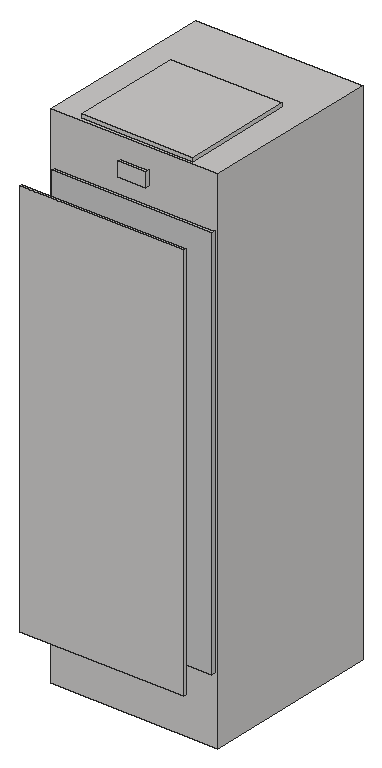
Revit family "Fan_Coil-With_Valve-Whalen-Vertical_Stacked-Classic-2P-No_Risers2", category Mechanical Equipment, Revit 2012
Parameters (values of type "1,200 CFM")
  zz YesNo 9 [instance] = not(and(Has Rear Return Air Opening, or(Chassis is Removable Standard, Chassis is Removable Low Profile)))  # yes
  zz YesNo 8 [instance] = not(or(and(Is Heating Total Electric, Voltage is 115 V), not(zz Integer 7 = 1)))  # yes
  zz YesNo 7 [instance] = yes
  zz YesNo 6 [instance] = yes
  zz YesNo 5 [instance] = not(and(zz Integer 5 = 1200, Chassis is Removable Standard))  # yes
  zz YesNo 4 [instance] = not(or(and(Is Heating Total Electric, Voltage is 115 V), not(zz Integer 6 = 1)))  # yes
  zz YesNo 3 [instance] = yes
  zz YesNo 2 [instance] = not(and(Risers are on Rear, Has Rear Return Air Opening))  # yes
  zz YesNo 16 [instance] = not(and(zz YesNo 9, zz YesNo 12, zz YesNo 4, zz YesNo 13, zz YesNo 8, zz YesNo 2, zz YesNo 11, zz YesNo 15))  # no
  zz YesNo 15 [instance] = zz Integer 2 = 1  # yes
  zz YesNo 14 [instance] = yes
  zz YesNo 13 [instance] = zz Integer 4 = 1  # yes
  zz YesNo 12 [instance] = zz Integer 8 = 1  # yes
  zz YesNo 11 [instance] = not(and(Has Condensate Pump, Has Rear Return Air Opening))  # yes
  zz YesNo 10 [instance] = yes
  zz YesNo 1 [instance] = yes
  zz Length 8 [instance] = if(zz Length 3 < 0.250", 0.250", if(zz Length 3 > 6.000", 6.000", zz Length 3))  # 4.35924"
  zz Length 7 [instance] = if(Chassis is Fixed, if(zz Integer 5 = 1200, 59.000", if(zz Integer 5 = 1000, 51.000", if(zz Integer 5 = 800, 45.000", if(zz Integer 5 = 600, 41.000", if(zz Integer 5 = 400, 38.000", if(zz Integer 5 = 300, 34.000", 0.000")))))), if(Chassis is Removable Standard, if(zz Integer 5 = 1200, 59.000", if(zz Integer 5 = 1000, 59.000", if(zz Integer 5 = 800, 66.750", if(zz Integer 5 = 600, 62.750", if(zz Integer 5 = 400, 62.750", if(zz Integer 5 = 300, 54.750", 0.000")))))), if(zz Integer 5 = 1200, 59.000", if(zz Integer 5 = 1000, 51.000", if(zz Integer 5 = 800, 54.500", if(zz Integer 5 = 600, 50.500", if(zz Integer 5 = 400, 50.500", if(zz Integer 5 = 300, 42.500", 0.000"))))))))  # 59.000"
  zz Length 6 [instance] = if(Chassis is Fixed, if(zz Integer 5 = 1200, 56.000", if(zz Integer 5 = 1000, 48.000", if(zz Integer 5 = 800, 44.000", if(zz Integer 5 = 600, 40.000", if(zz Integer 5 = 400, 36.000", if(zz Integer 5 = 300, 32.000", 0.000")))))), if(Chassis is Removable Standard, if(zz Integer 5 = 1200, 60.000", if(zz Integer 5 = 1000, 56.000", if(zz Integer 5 = 800, 60.000", if(zz Integer 5 = 600, 56.000", if(zz Integer 5 = 400, 56.000", if(zz Integer 5 = 300, 48.000", 0.000")))))), if(zz Integer 5 = 1200, 56.000", if(zz Integer 5 = 1000, 48.000", if(zz Integer 5 = 800, 48.000", if(zz Integer 5 = 600, 44.000", if(zz Integer 5 = 400, 44.000", if(zz Integer 5 = 300, 36.000", 0.000"))))))))  # 56.000"
  zz Length 5 [instance] = if(Chassis is Fixed, if(zz Integer 5 = 1200, 70.000", if(zz Integer 5 = 1000, 62.000", if(zz Integer 5 = 800, 56.000", if(zz Integer 5 = 600, 52.000", if(zz Integer 5 = 400, 48.000", if(zz Integer 5 = 300, 48.000", 0.000")))))), if(Chassis is Removable Standard, if(zz Integer 5 = 1200, 70.000", if(zz Integer 5 = 1000, 70.000", if(zz Integer 5 = 800, 70.000", if(zz Integer 5 = 600, 68.000", if(zz Integer 5 = 400, 68.000", if(zz Integer 5 = 300, 60.000", 0.000")))))), if(zz Integer 5 = 1200, 70.000", if(zz Integer 5 = 1000, 62.000", if(zz Integer 5 = 800, 60.000", if(zz Integer 5 = 600, 56.000", if(zz Integer 5 = 400, 56.000", if(zz Integer 5 = 300, 48.000", 0.000"))))))))  # 70.000"
  zz Length 4 [instance] = 101.000"
  zz Length 3 [instance] = 4.35924"
  zz Length 2 [instance] = if(Has Condensate Pump, 6.000", if(Has Rear Return Air Opening, 14.000", if(or(zz Integer 5 = 300, zz Integer 5 = 400, zz Integer 5 = 600, zz Integer 5 = 800), 8.000", if(or(zz Integer 5 = 1000, zz Integer 5 = 1200), 10.000", 0.000"))))  # 10.000"
  zz Length 1 [instance] = if(Chassis is Fixed, if(or(zz Integer 5 = 1200, zz Integer 5 = 1000), 20.000", 14.000"), if(zz Integer 5 < 600, 14.000", if(zz Integer 5 < 1000, 16.000", 22.000")))  # 22.000"
  zz Integer 8 [instance] = if(Risers are on Left, 1, 0) + if(Risers are on Rear, 1, 0) + if(Risers are on Right, 1, 0)  # 1
  zz Integer 7 [instance] = if(Voltage is 115 V, 1, 0) + if(Voltage is 208 V, 1, 0) + if(Voltage is 265 V, 1, 0)  # 1
  zz Integer 6 [instance] = if(Is Heating Total Electric, 1, 0) + if(Is Heating Auxiliary Electric, 1, 0) + if(Is Cooling Only, 1, 0) + if(Is Heating and Cooling, 1, 0) + if(Is Heating Only, 1, 0)  # 1
  zz Integer 5 = 1200
  zz Integer 4 [instance] = if(Motor is Standard Static PSC, 1, 0) + if(Motor is High Static PSC, 1, 0) + if(Motor is Constant Torque ECM VAC Control, 1, 0) + if(Motor is Constant Torque ECM Line Voltage Control, 1, 0) + if(Motor is Constant Airflow ECM VAC Control, 1, 0)  # 1
  zz Integer 3 [instance] = if(Risers are on Left, 1, if(Risers are on Rear, 2, if(Risers are on Right, 3, 2)))  # 2
  zz Integer 2 [instance] = if(Chassis is Removable Standard, 1, 0) + if(Chassis is Removable Low Profile, 1, 0) + if(Chassis is Fixed, 1, 0)  # 1
  zz Integer 1 [instance] = zz Length 4 / 1.000"  # 101
  zz HVACAirflow 2 [instance] = if(and(Chassis is Fixed, Coil is 3 Row), if(zz Integer 5 = 300, 1.000 GPM, if(zz Integer 5 = 400, 1.000 GPM, if(zz Integer 5 = 600, 1.000 GPM, if(zz Integer 5 = 800, 2.000 GPM, if(zz Integer 5 = 1000, 3.000 GPM, if(zz Integer 5 = 1200, 3.000 GPM, 0.000 GPM)))))), if(and(Chassis is Fixed, Coil is 4 Row), if(zz Integer 5 = 300, 1.000 GPM, if(zz Integer 5 = 400, 1.000 GPM, if(zz Integer 5 = 600, 1.500 GPM, if(zz Integer 5 = 800, 2.000 GPM, if(zz Integer 5 = 1000, 3.000 GPM, if(zz Integer 5 = 1200, 3.000 GPM, 0.000 GPM)))))), if(and(Chassis is Removable Standard, Coil is 3 Row), if(zz Integer 5 = 300, 1.000 GPM, if(zz Integer 5 = 400, 1.000 GPM, if(zz Integer 5 = 600, 1.000 GPM, if(zz Integer 5 = 800, 2.000 GPM, 0.000 GPM)))), if(and(Chassis is Removable Standard, Coil is 4 Row), if(zz Integer 5 = 300, 1.000 GPM, if(zz Integer 5 = 400, 1.000 GPM, if(zz Integer 5 = 600, 1.500 GPM, if(zz Integer 5 = 800, 2.000 GPM, 0.000 GPM)))), 0.000 GPM))))  # 0.000 GPM
  zz HVACAirflow 1 [instance] = if(and(Chassis is Fixed, Coil is 3 Row), if(zz Integer 5 = 300, 3.000 GPM, if(zz Integer 5 = 400, 3.500 GPM, if(zz Integer 5 = 600, 4.000 GPM, if(zz Integer 5 = 800, 5.000 GPM, if(zz Integer 5 = 1000, 8.000 GPM, if(zz Integer 5 = 1200, 10.000 GPM, 0.000 GPM)))))), if(and(Chassis is Fixed, Coil is 4 Row), if(zz Integer 5 = 300, 3.000 GPM, if(zz Integer 5 = 400, 4.000 GPM, if(zz Integer 5 = 600, 5.000 GPM, if(zz Integer 5 = 800, 6.000 GPM, if(zz Integer 5 = 1000, 9.000 GPM, if(zz Integer 5 = 1200, 11.000 GPM, 0.000 GPM)))))), if(and(Chassis is Removable Standard, Coil is 3 Row), if(zz Integer 5 = 300, 3.000 GPM, if(zz Integer 5 = 400, 3.500 GPM, if(zz Integer 5 = 600, 4.500 GPM, if(zz Integer 5 = 800, 5.500 GPM, 0.000 GPM)))), if(and(Chassis is Removable Standard, Coil is 4 Row), if(zz Integer 5 = 300, 3.000 GPM, if(zz Integer 5 = 400, 4.000 GPM, if(zz Integer 5 = 600, 5.000 GPM, if(zz Integer 5 = 800, 6.500 GPM, 0.000 GPM)))), 0.000 GPM))))  # 0.000 GPM
  zz ElectricalWattage 4 [instance] = if(and(zz Integer 5 = 300, Voltage is 115 V), 3000 VA, if(and(zz Integer 5 = 300, Voltage is 208 V), 3000 VA, if(and(zz Integer 5 = 300, Voltage is 265 V), 3000 VA, if(and(zz Integer 5 = 400, Voltage is 115 V), 3000 VA, if(and(zz Integer 5 = 400, Voltage is 208 V), 4000 VA, if(and(zz Integer 5 = 400, Voltage is 265 V), 4000 VA, if(and(zz Integer 5 = 600, Voltage is 115 V), 3000 VA, if(and(zz Integer 5 = 600, Voltage is 208 V), 6000 VA, if(and(zz Integer 5 = 600, Voltage is 265 V), 6000 VA, if(and(zz Integer 5 = 800, Voltage is 115 V), 3000 VA, if(and(zz Integer 5 = 800, Voltage is 208 V), 6000 VA, if(and(zz Integer 5 = 800, Voltage is 265 V), 8000 VA, if(and(zz Integer 5 = 1000, Voltage is 115 V), 3000 VA, if(and(zz Integer 5 = 1000, Voltage is 208 V), 6000 VA, if(and(zz Integer 5 = 1000, Voltage is 265 V), 9000 VA, if(and(zz Integer 5 = 1200, Voltage is 115 V), 3000 VA, if(and(zz Integer 5 = 1200, Voltage is 208 V), 6000 VA, if(and(zz Integer 5 = 1200, Voltage is 265 V), 9000 VA, 0 VA))))))))))))))))))  # 3000 W
  zz ElectricalWattage 3 [instance] = if(and(zz Integer 5 = 300, Voltage is 115 V), 3000 VA, if(and(zz Integer 5 = 300, Voltage is 208 V), 3000 VA, if(and(zz Integer 5 = 300, Voltage is 265 V), 3000 VA, if(and(zz Integer 5 = 400, Voltage is 115 V), 4000 VA, if(and(zz Integer 5 = 400, Voltage is 208 V), 4000 VA, if(and(zz Integer 5 = 400, Voltage is 265 V), 4000 VA, if(and(zz Integer 5 = 600, Voltage is 115 V), 4000 VA, if(and(zz Integer 5 = 600, Voltage is 208 V), 6000 VA, if(and(zz Integer 5 = 600, Voltage is 265 V), 6000 VA, if(and(zz Integer 5 = 800, Voltage is 115 V), 4000 VA, if(and(zz Integer 5 = 800, Voltage is 208 V), 6000 VA, if(and(zz Integer 5 = 800, Voltage is 265 V), 8000 VA, if(and(zz Integer 5 = 1000, Voltage is 115 V), 4000 VA, if(and(zz Integer 5 = 1000, Voltage is 208 V), 6000 VA, if(and(zz Integer 5 = 1000, Voltage is 265 V), 9000 VA, if(and(zz Integer 5 = 1200, Voltage is 115 V), 3000 VA, if(and(zz Integer 5 = 1200, Voltage is 208 V), 6000 VA, if(and(zz Integer 5 = 1200, Voltage is 265 V), 9000 VA, 0 VA))))))))))))))))))  # 3000 W
  zz ElectricalWattage 2 [instance] = if(and(zz Integer 5 = 300, Voltage is 115 V), 3000 VA, if(and(zz Integer 5 = 300, Voltage is 208 V), 3000 VA, if(and(zz Integer 5 = 300, Voltage is 265 V), 3000 VA, if(and(zz Integer 5 = 400, Voltage is 115 V), 3000 VA, if(and(zz Integer 5 = 400, Voltage is 208 V), 4000 VA, if(and(zz Integer 5 = 400, Voltage is 265 V), 4000 VA, if(and(zz Integer 5 = 600, Voltage is 115 V), 3000 VA, if(and(zz Integer 5 = 600, Voltage is 208 V), 6000 VA, if(and(zz Integer 5 = 600, Voltage is 265 V), 6000 VA, if(and(zz Integer 5 = 800, Voltage is 115 V), 3000 VA, if(and(zz Integer 5 = 800, Voltage is 208 V), 6000 VA, if(and(zz Integer 5 = 800, Voltage is 265 V), 8000 VA, if(and(zz Integer 5 = 1000, Voltage is 115 V), 3000 VA, if(and(zz Integer 5 = 1000, Voltage is 208 V), 6000 VA, if(and(zz Integer 5 = 1000, Voltage is 265 V), 9000 VA, if(and(zz Integer 5 = 1200, Voltage is 115 V), 3000 VA, if(and(zz Integer 5 = 1200, Voltage is 208 V), 6000 VA, if(and(zz Integer 5 = 1200, Voltage is 265 V), 9000 VA, 0 VA))))))))))))))))))  # 3000 W
  zz ElectricalWattage 1 [instance] = if(and(zz Integer 5 = 300, Voltage is 115 V), 3000 VA, if(and(zz Integer 5 = 300, Voltage is 208 V), 3000 VA, if(and(zz Integer 5 = 300, Voltage is 265 V), 3000 VA, if(and(zz Integer 5 = 400, Voltage is 115 V), 4000 VA, if(and(zz Integer 5 = 400, Voltage is 208 V), 4000 VA, if(and(zz Integer 5 = 400, Voltage is 265 V), 4000 VA, if(and(zz Integer 5 = 600, Voltage is 115 V), 4000 VA, if(and(zz Integer 5 = 600, Voltage is 208 V), 6000 VA, if(and(zz Integer 5 = 600, Voltage is 265 V), 6000 VA, if(and(zz Integer 5 = 800, Voltage is 115 V), 3000 VA, if(and(zz Integer 5 = 800, Voltage is 208 V), 6000 VA, if(and(zz Integer 5 = 800, Voltage is 265 V), 8000 VA, if(and(zz Integer 5 = 1000, Voltage is 115 V), 3000 VA, if(and(zz Integer 5 = 1000, Voltage is 208 V), 6000 VA, if(and(zz Integer 5 = 1000, Voltage is 265 V), 9000 VA, if(and(zz Integer 5 = 1200, Voltage is 115 V), 0 VA, if(and(zz Integer 5 = 1200, Voltage is 208 V), 6000 VA, if(and(zz Integer 5 = 1200, Voltage is 265 V), 0 VA, 0 VA))))))))))))))))))  # 0 W
  zz ElectricalCurrent 8 [instance] = if(and(zz Integer 5 = 300, Voltage is 115 V), 37.9 A, if(and(zz Integer 5 = 300, Voltage is 208 V), 21.4 A, if(and(zz Integer 5 = 300, Voltage is 265 V), 18.2 A, if(and(zz Integer 5 = 400, Voltage is 115 V), 37.9 A, if(and(zz Integer 5 = 400, Voltage is 208 V), 27.4 A, if(and(zz Integer 5 = 400, Voltage is 265 V), 22.9 A, if(and(zz Integer 5 = 600, Voltage is 115 V), 37.9 A, if(and(zz Integer 5 = 600, Voltage is 208 V), 39.4 A, if(and(zz Integer 5 = 600, Voltage is 265 V), 32.3 A, if(and(zz Integer 5 = 800, Voltage is 115 V), 40.4 A, if(and(zz Integer 5 = 800, Voltage is 208 V), 40.9 A, if(and(zz Integer 5 = 800, Voltage is 265 V), 41.7 A, if(and(zz Integer 5 = 1000, Voltage is 115 V), 40.4 A, if(and(zz Integer 5 = 1000, Voltage is 208 V), 40.9 A, if(and(zz Integer 5 = 1000, Voltage is 265 V), 46.5 A, if(and(zz Integer 5 = 1200, Voltage is 115 V), 40.4 A, if(and(zz Integer 5 = 1200, Voltage is 208 V), 40.9 A, if(and(zz Integer 5 = 1200, Voltage is 265 V), 46.5 A, 0 A))))))))))))))))))  # 40.4 A
  zz ElectricalCurrent 7 [instance] = if(and(zz Integer 5 = 300, Voltage is 115 V), 4.2 A, if(and(zz Integer 5 = 300, Voltage is 208 V), 2.7 A, if(and(zz Integer 5 = 300, Voltage is 265 V), 3.2 A, if(and(zz Integer 5 = 400, Voltage is 115 V), 4.2 A, if(and(zz Integer 5 = 400, Voltage is 208 V), 2.7 A, if(and(zz Integer 5 = 400, Voltage is 265 V), 3.2 A, if(and(zz Integer 5 = 600, Voltage is 115 V), 4.2 A, if(and(zz Integer 5 = 600, Voltage is 208 V), 2.7 A, if(and(zz Integer 5 = 600, Voltage is 265 V), 3.2 A, if(and(zz Integer 5 = 800, Voltage is 115 V), 6.2 A, if(and(zz Integer 5 = 800, Voltage is 208 V), 3.9 A, if(and(zz Integer 5 = 800, Voltage is 265 V), 3.2 A, if(and(zz Integer 5 = 1000, Voltage is 115 V), 6.2 A, if(and(zz Integer 5 = 1000, Voltage is 208 V), 3.9 A, if(and(zz Integer 5 = 1000, Voltage is 265 V), 3.2 A, if(and(zz Integer 5 = 1200, Voltage is 115 V), 6.2 A, if(and(zz Integer 5 = 1200, Voltage is 208 V), 3.9 A, if(and(zz Integer 5 = 1200, Voltage is 265 V), 3.2 A, 0 A))))))))))))))))))  # 6.2 A
  zz ElectricalCurrent 6 [instance] = if(and(zz Integer 5 = 300, Voltage is 115 V), 34.1 A, if(and(zz Integer 5 = 300, Voltage is 208 V), 18.8 A, if(and(zz Integer 5 = 300, Voltage is 265 V), 15 A, if(and(zz Integer 5 = 400, Voltage is 115 V), 45.6 A, if(and(zz Integer 5 = 400, Voltage is 208 V), 25.2 A, if(and(zz Integer 5 = 400, Voltage is 265 V), 19.9 A, if(and(zz Integer 5 = 600, Voltage is 115 V), 46.4 A, if(and(zz Integer 5 = 600, Voltage is 208 V), 37.9 A, if(and(zz Integer 5 = 600, Voltage is 265 V), 29.4 A, if(and(zz Integer 5 = 800, Voltage is 115 V), 37.1 A, if(and(zz Integer 5 = 800, Voltage is 208 V), 37.9 A, if(and(zz Integer 5 = 800, Voltage is 265 V), 39.2 A, if(and(zz Integer 5 = 1000, Voltage is 115 V), 38.7 A, if(and(zz Integer 5 = 1000, Voltage is 208 V), 39.4 A, if(and(zz Integer 5 = 1000, Voltage is 265 V), 45.1 A, if(and(zz Integer 5 = 1200, Voltage is 115 V), 0 A, if(and(zz Integer 5 = 1200, Voltage is 208 V), 39.4 A, if(and(zz Integer 5 = 1200, Voltage is 265 V), 0 A, 0 A))))))))))))))))))  # 0 A
  zz ElectricalCurrent 5 [instance] = if(and(zz Integer 5 = 300, Voltage is 115 V), 1.2 A, if(and(zz Integer 5 = 300, Voltage is 208 V), 0.6 A, if(and(zz Integer 5 = 300, Voltage is 265 V), 0.7 A, if(and(zz Integer 5 = 400, Voltage is 115 V), 1.7 A, if(and(zz Integer 5 = 400, Voltage is 208 V), 0.9 A, if(and(zz Integer 5 = 400, Voltage is 265 V), 0.8 A, if(and(zz Integer 5 = 600, Voltage is 115 V), 2.3 A, if(and(zz Integer 5 = 600, Voltage is 208 V), 1.5 A, if(and(zz Integer 5 = 600, Voltage is 265 V), 0.9 A, if(and(zz Integer 5 = 800, Voltage is 115 V), 3.6 A, if(and(zz Integer 5 = 800, Voltage is 208 V), 1.5 A, if(and(zz Integer 5 = 800, Voltage is 265 V), 1.2 A, if(and(zz Integer 5 = 1000, Voltage is 115 V), 4.9 A, if(and(zz Integer 5 = 1000, Voltage is 208 V), 2.7 A, if(and(zz Integer 5 = 1000, Voltage is 265 V), 2.1 A, if(and(zz Integer 5 = 1200, Voltage is 115 V), 0 A, if(and(zz Integer 5 = 1200, Voltage is 208 V), 2.7 A, if(and(zz Integer 5 = 1200, Voltage is 265 V), 0 A, 0 A))))))))))))))))))  # 0 A
  zz ElectricalCurrent 4 [instance] = if(and(zz Integer 5 = 300, Voltage is 115 V), 40.6 A, if(and(zz Integer 5 = 300, Voltage is 208 V), 23.8 A, if(and(zz Integer 5 = 300, Voltage is 265 V), 18.2 A, if(and(zz Integer 5 = 400, Voltage is 115 V), 40.6 A, if(and(zz Integer 5 = 400, Voltage is 208 V), 29.8 A, if(and(zz Integer 5 = 400, Voltage is 265 V), 22.9 A, if(and(zz Integer 5 = 600, Voltage is 115 V), 40.6 A, if(and(zz Integer 5 = 600, Voltage is 208 V), 41.8 A, if(and(zz Integer 5 = 600, Voltage is 265 V), 32.3 A, if(and(zz Integer 5 = 800, Voltage is 115 V), 40.6 A, if(and(zz Integer 5 = 800, Voltage is 208 V), 41.8 A, if(and(zz Integer 5 = 800, Voltage is 265 V), 41.7 A, if(and(zz Integer 5 = 1000, Voltage is 115 V), 40.6 A, if(and(zz Integer 5 = 1000, Voltage is 208 V), 41.8 A, if(and(zz Integer 5 = 1000, Voltage is 265 V), 46.5 A, if(and(zz Integer 5 = 1200, Voltage is 115 V), 40.6 A, if(and(zz Integer 5 = 1200, Voltage is 208 V), 41.8 A, if(and(zz Integer 5 = 1200, Voltage is 265 V), 46.5 A, 0 A))))))))))))))))))  # 40.6 A
  zz ElectricalCurrent 3 [instance] = if(and(zz Integer 5 = 300, Voltage is 115 V), 33.9 A, if(and(zz Integer 5 = 300, Voltage is 208 V), 18.8 A, if(and(zz Integer 5 = 300, Voltage is 265 V), 14.9 A, if(and(zz Integer 5 = 400, Voltage is 115 V), 45 A, if(and(zz Integer 5 = 400, Voltage is 208 V), 24.8 A, if(and(zz Integer 5 = 400, Voltage is 265 V), 19.7 A, if(and(zz Integer 5 = 600, Voltage is 115 V), 45.6 A, if(and(zz Integer 5 = 600, Voltage is 208 V), 37.2 A, if(and(zz Integer 5 = 600, Voltage is 265 V), 29.3 A, if(and(zz Integer 5 = 800, Voltage is 115 V), 46.4 A, if(and(zz Integer 5 = 800, Voltage is 208 V), 37.9 A, if(and(zz Integer 5 = 800, Voltage is 265 V), 38.9 A, if(and(zz Integer 5 = 1000, Voltage is 115 V), 48 A, if(and(zz Integer 5 = 1000, Voltage is 208 V), 37.9 A, if(and(zz Integer 5 = 1000, Voltage is 265 V), 44 A, if(and(zz Integer 5 = 1200, Voltage is 115 V), 38.7 A, if(and(zz Integer 5 = 1200, Voltage is 208 V), 39.4 A, if(and(zz Integer 5 = 1200, Voltage is 265 V), 45.1 A, 0 A))))))))))))))))))  # 38.7 A
  zz ElectricalCurrent 2 [instance] = if(and(zz Integer 5 = 300, Voltage is 115 V), 6.4 A, if(and(zz Integer 5 = 300, Voltage is 208 V), 4.6 A, if(and(zz Integer 5 = 300, Voltage is 265 V), 3.2 A, if(and(zz Integer 5 = 400, Voltage is 115 V), 6.4 A, if(and(zz Integer 5 = 400, Voltage is 208 V), 4.6 A, if(and(zz Integer 5 = 400, Voltage is 265 V), 3.2 A, if(and(zz Integer 5 = 600, Voltage is 115 V), 6.4 A, if(and(zz Integer 5 = 600, Voltage is 208 V), 4.6 A, if(and(zz Integer 5 = 600, Voltage is 265 V), 3.2 A, if(and(zz Integer 5 = 800, Voltage is 115 V), 6.4 A, if(and(zz Integer 5 = 800, Voltage is 208 V), 4.6 A, if(and(zz Integer 5 = 800, Voltage is 265 V), 3.2 A, if(and(zz Integer 5 = 1000, Voltage is 115 V), 6.4 A, if(and(zz Integer 5 = 1000, Voltage is 208 V), 4.6 A, if(and(zz Integer 5 = 1000, Voltage is 265 V), 3.2 A, if(and(zz Integer 5 = 1200, Voltage is 115 V), 6.4 A, if(and(zz Integer 5 = 1200, Voltage is 208 V), 4.6 A, if(and(zz Integer 5 = 1200, Voltage is 265 V), 3.2 A, 0 A))))))))))))))))))  # 6.4 A
  zz ElectricalCurrent 1 [instance] = if(and(zz Integer 5 = 300, Voltage is 115 V), 1 A, if(and(zz Integer 5 = 300, Voltage is 208 V), 0.6 A, if(and(zz Integer 5 = 300, Voltage is 265 V), 0.6 A, if(and(zz Integer 5 = 400, Voltage is 115 V), 1.2 A, if(and(zz Integer 5 = 400, Voltage is 208 V), 0.6 A, if(and(zz Integer 5 = 400, Voltage is 265 V), 0.7 A, if(and(zz Integer 5 = 600, Voltage is 115 V), 1.7 A, if(and(zz Integer 5 = 600, Voltage is 208 V), 0.9 A, if(and(zz Integer 5 = 600, Voltage is 265 V), 0.8 A, if(and(zz Integer 5 = 800, Voltage is 115 V), 2.3 A, if(and(zz Integer 5 = 800, Voltage is 208 V), 1.5 A, if(and(zz Integer 5 = 800, Voltage is 265 V), 0.9 A, if(and(zz Integer 5 = 1000, Voltage is 115 V), 3.6 A, if(and(zz Integer 5 = 1000, Voltage is 208 V), 1.5 A, if(and(zz Integer 5 = 1000, Voltage is 265 V), 1.2 A, if(and(zz Integer 5 = 1200, Voltage is 115 V), 4.9 A, if(and(zz Integer 5 = 1200, Voltage is 208 V), 2.7 A, if(and(zz Integer 5 = 1200, Voltage is 265 V), 2.1 A, 0 A))))))))))))))))))  # 4.9 A
  Width [instance] = if(or(zz Integer 5 = 1200, zz Integer 5 = 1000), 24.000", if(or(zz Integer 5 = 800, zz Integer 5 = 600), 18.000", 16.000"))  # 24.000"
  Voltage is 265 V [instance] = no
  Voltage is 208 V [instance] = no
  Voltage is 115 V [instance] = yes
  Voltage Selection [instance] = if(zz Integer 7 < 1, "ERROR: Select a Voltage Option", if(zz Integer 7 > 1, "ERROR: Select Only One Voltage Option", if(and(Is Heating Total Electric, Voltage is 115 V), "ERROR: 115 Voltage Option Unavailable with Heating Total Electric Option", if(Voltage is 115 V, "Voltage is 115 V", if(Voltage is 208 V, "Voltage is 208 V", if(Voltage is 265 V, "Voltage is 265 V", "none"))))))  # "Voltage is 115 V"
  Voltage [instance] = if(and(Voltage is 115 V, zz Integer 7 = 1), 115 V, if(and(Voltage is 208 V, zz Integer 7 = 1), 208 V, if(and(Voltage is 265 V, zz Integer 7 = 1), 265 V, 0 V)))  # 115 V
  Unit is Master [instance] = no
  Risers are on Right [instance] = no
  Risers are on Rear [instance] = yes
  Risers are on Left [instance] = no
  Risers are Insulated [instance] = no
  Riser Location [instance] = if(zz Integer 8 < 1, "Error: Select a Riser Location Option", if(zz Integer 8 > 1, "Error: Select Only 1 Riser Location Option", if(Risers are on Right, "Risers are on Right", if(Risers are on Rear, "Risers are on Rear", if(Risers are on Left, "Risers are on Left", "none")))))  # "Risers are on Rear"
  Pressure Drop [instance] = if(and(Chassis is Fixed, Coil is 3 Row), if(zz Integer 5 = 300, 6.60 in-wg, if(zz Integer 5 = 400, 12.60 in-wg, if(zz Integer 5 = 600, 23.30 in-wg, if(zz Integer 5 = 800, 22.50 in-wg, if(zz Integer 5 = 1000, 15.70 in-wg, if(zz Integer 5 = 1200, 17.50 in-wg, 0.00 in-wg)))))), if(and(Chassis is Fixed, Coil is 4 Row), if(zz Integer 5 = 300, 17.00 in-wg, if(zz Integer 5 = 400, 13.20 in-wg, if(zz Integer 5 = 600, 19.60 in-wg, if(zz Integer 5 = 800, 30.00 in-wg, if(zz Integer 5 = 1000, 17.20 in-wg, if(zz Integer 5 = 1200, 21.70 in-wg, 0.00 in-wg)))))), if(and(Chassis is Removable Standard, Coil is 3 Row), if(zz Integer 5 = 300, 17.10 in-wg, if(zz Integer 5 = 400, 23.10 in-wg, if(zz Integer 5 = 600, 14.90 in-wg, if(zz Integer 5 = 800, 20.50 in-wg, 0.00 in-wg)))), if(and(Chassis is Removable Standard, Coil is 4 Row), if(zz Integer 5 = 300, 20.40 in-wg, if(zz Integer 5 = 400, 20.90 in-wg, if(zz Integer 5 = 600, 15.60 in-wg, if(zz Integer 5 = 800, 27.90 in-wg, 0.00 in-wg)))), 0.00 in-wg))))  # 0.00 psi
  Part Number [instance] = if(Chassis is Fixed, if(Coil is 3 Row, if(zz Integer 5 = 300, "WFC-300", if(zz Integer 5 = 400, "WFC-400", if(zz Integer 5 = 600, "WFC-600", if(zz Integer 5 = 800, "WFC-800", if(zz Integer 5 = 1000, "WFC-1000", if(zz Integer 5 = 1200, "WFC-1200", "Not Available")))))), if(Coil is 4 Row, if(zz Integer 5 = 300, "WFD-300", if(zz Integer 5 = 400, "WFD-400", if(zz Integer 5 = 600, "WFD-600", if(zz Integer 5 = 800, "WFD-800", if(zz Integer 5 = 1000, "WFD-1000", if(zz Integer 5 = 1200, "WFD-1200", "Not Available")))))), "Not Available")), if(or(Chassis is Removable Standard, Chassis is Removable Low Profile), if(Coil is 3 Row, if(zz Integer 5 = 300, "WRC-300", if(zz Integer 5 = 400, "WRC-400", if(zz Integer 5 = 600, "WRC-600", if(zz Integer 5 = 800, "WRC-800", if(zz Integer 5 = 1000, "WRC-1000", if(zz Integer 5 = 1200, "WRC-1200", "Not Available")))))), if(Coil is 4 Row, if(zz Integer 5 = 300, "WRD-300", if(zz Integer 5 = 400, "WRD-400", if(zz Integer 5 = 600, "WRD-600", if(zz Integer 5 = 800, "WRD-800", if(zz Integer 5 = 1000, "WRD-1000", if(zz Integer 5 = 1200, "WRD-1200", "Not Available")))))), "Not Available")), "Not Available"))  # "WRC-1200"
  Motor is Standard Static PSC [instance] = yes
  Product Documentation Link = "http://www.whalencompany.com/vertical_stack_fan_coil_equipment.html"
  Part Description [instance] = if(Chassis is Fixed, if(zz Integer 5 = 300, "Vertical Fan-Coil Units, 2 Pipe with Fixed Chassis, 300 CFM", if(zz Integer 5 = 400, "Vertical Fan-Coil Units, 2 Pipe with Fixed Chassis, 400 CFM", if(zz Integer 5 = 600, "Vertical Fan-Coil Units, 2 Pipe with Fixed Chassis, 600 CFM", if(zz Integer 5 = 800, "Vertical Fan-Coil Units, 2 Pipe with Fixed Chassis, 800 CFM", if(zz Integer 5 = 1000, "Vertical Fan-Coil Units, 2 Pipe with Fixed Chassis, 1000 CFM", if(zz Integer 5 = 1200, "Vertical Fan-Coil Units, 2 Pipe with Fixed Chassis, 1200 CFM", "Not Available")))))), if(or(Chassis is Removable Standard, Chassis is Removable Low Profile), if(zz Integer 5 = 300, "Vertical Fan-Coil Units, 2 Pipe with Removable Chassis, 300 CFM", if(zz Integer 5 = 400, "Vertical Fan-Coil Units, 2 Pipe with Removable Chassis, 400 CFM", if(zz Integer 5 = 600, "Vertical Fan-Coil Units, 2 Pipe with Removable Chassis, 600 CFM", if(zz Integer 5 = 800, "Vertical Fan-Coil Units, 2 Pipe with Removable Chassis, 800 CFM", if(zz Integer 5 = 1000, "Vertical Fan-Coil Units, 2 Pipe with Removable Chassis, 1000 CFM", if(zz Integer 5 = 1200, "Vertical Fan-Coil Units, 2 Pipe with Removable Chassis, 1200 CFM", "Not Available")))))), "Not Available"))  # "Vertical Fan-Coil Units, 2 Pipe with Removable Chassis, 1200 CFM"
  Original Creation Date = "5/17/2013"  # constant formula
  Motor Selection [instance] = if(zz Integer 4 < 1, "ERROR: Select a Motor Option", if(zz Integer 4 > 1, "ERROR: Select Only 1 Motor Option", if(Motor is Standard Static PSC, "Motor is Standard Static PSC", if(Motor is High Static PSC, "Motor is High Static PSC", if(Motor is Constant Torque ECM VAC Control, "Motor is Constant Torque ECM VAC Control", if(Motor is Constant Torque ECM Line Voltage Control, "Motor is Constant Torque ECM Line Voltage Control", if(Motor is Constant Airflow ECM VAC Control, "Motor is Constant Airflow ECM VAC Control", "none")))))))  # "Motor is Standard Static PSC"
  Model Disclaimer = "Contact The Whalen Company for More Information"  # constant formula
  Motor is High Static PSC [instance] = no
  Model = "See Part Number"  # constant formula
  Maximum Heater Size [instance] = if(Motor is Constant Torque ECM VAC Control, zz ElectricalWattage 2, if(Motor is Constant Airflow ECM VAC Control, zz ElectricalWattage 4, if(Motor is High Static PSC, zz ElectricalWattage 1, if(Motor is Standard Static PSC, zz ElectricalWattage 3, 0 VA))))  # 3000 W
  MCA [instance] = if(Motor is Constant Torque ECM VAC Control, zz ElectricalCurrent 4, if(Motor is Constant Airflow ECM VAC Control, zz ElectricalCurrent 8, if(Motor is High Static PSC, zz ElectricalCurrent 6, if(Motor is Standard Static PSC, zz ElectricalCurrent 3, 0 A))))  # 38.7 A
  Load Classification = Other
  Is Heating and Cooling [instance] = yes
  Is Heating Total Electric [instance] = no
  Is Heating Only [instance] = no
  Is Heating Auxiliary Electric [instance] = no
  Height [instance] = if(and(or(zz Integer 5 = 300, zz Integer 5 = 400, zz Integer 5 = 600, zz Integer 5 = 800), zz Length 4 < 82.000"), 82.000", if(and(or(zz Integer 5 = 300, zz Integer 5 = 400, zz Integer 5 = 600, zz Integer 5 = 800), zz Length 4 > 88.000"), 88.000", if(and(or(zz Integer 5 = 1200, zz Integer 5 = 1000), zz Length 4 < 68.000"), 68.000", if(and(or(zz Integer 5 = 1200, zz Integer 5 = 1000), zz Length 4 > 74.000"), 74.000", zz Integer 1 * 1.000"))))  # 74.000"
  Has Condensate Pump [instance] = no
  Has Rear Return Air Opening [instance] = no
  GPM Actual [instance] = if(GPM Desired < zz HVACAirflow 2, zz HVACAirflow 2, if(GPM Desired > zz HVACAirflow 1, zz HVACAirflow 1, GPM Desired))  # 0.000 GPM
  Family Version = "1.0.0"  # constant formula
  FLA [instance] = if(Motor is Constant Torque ECM VAC Control, zz ElectricalCurrent 2, if(Motor is Constant Airflow ECM VAC Control, zz ElectricalCurrent 7, if(Motor is High Static PSC, zz ElectricalCurrent 5, if(Motor is Standard Static PSC, zz ElectricalCurrent 1, 0 A))))  # 4.9 A
  Equipment Number [instance] = ""
  Equipment Abbreviation = "RFC"
  Description = "See Part Description"  # constant formula
  Depth [instance] = if(Chassis is Fixed, if(or(zz Integer 5 = 1200, zz Integer 5 = 1000), 24.000", 16.000"), if(zz Integer 5 < 600, 18.000", if(zz Integer 5 < 1000, 20.000", 26.000")))  # 26.000"
  Date Last Modified = "2/12/2014"  # constant formula
  Copyright = "Copyright © The Whalen Company"  # constant formula
  Motor is Constant Torque ECM VAC Control [instance] = no
  Motor is Constant Torque ECM Line Voltage Control [instance] = no
  Motor is Constant Airflow ECM VAC Control [instance] = no
  Is Cooling Only [instance] = no
  Configuration Error [instance] = if(zz YesNo 16, if(not(zz YesNo 12), Riser Location, if(not(zz YesNo 13), Motor Selection, if(not(zz YesNo 8), Voltage Selection, if(not(zz YesNo 15), Chassis Selection, if(not(zz YesNo 2), "ERROR: Risers and Rear Return Air Opening Cannot Occupy the Same Side", if(not(zz YesNo 11), "ERROR: Cannot use Rear Return Air Opening and Condensate Pump in the same cabinet", if(not(zz YesNo 9), "ERROR: Rear Return Air Not Available for Removable Chassis", "none"))))))), "No Error, consider Air Supply Selection if error box remains")  # "No Error, consider Air Supply Selection if error box remains"
  URL = "http://www.whalencompany.com/"
  Show Error Box [instance] = yes
  Provide Feedback = "https://www.surveymonkey.com/s/T979TKY"
  Product Material = Steel - Whalen - Galvanized
  Manufacturer = "The Whalen Company"  # constant formula
  GPM Desired [instance] = 0.000 GPM
  Configuration [instance] = if(zz Integer 6 < 1, "ERROR: Select a Configuration Option", if(zz Integer 6 > 1, "ERROR: Select Only One Configuration Option", if(and(Is Heating Total Electric, Voltage is 115 V), "ERROR: 115 Voltage Option Unavailable with Heating Total Electric Option", if(Is Heating Total Electric, "Heating Total Electric", if(Is Heating Auxiliary Electric, "Heating Auxilary Electric", if(Is Cooling Only, "Cooling Only", if(Is Heating and Cooling, "Heating and Cooling", if(Is Heating Only, "Heating Only", "none"))))))))  # "Heating and Cooling"
  Coil is 4 Row [instance] = no
  Coil is 3 Row [instance] = not(Coil is 4 Row)  # yes
  Chassis is Removable Low Profile [instance] = yes
  Chassis is Removable Standard [instance] = no
  Chassis is Fixed [instance] = no
  Chassis Selection [instance] = if(zz Integer 2 > 1, "ERROR: Select Only One Chassis Option", if(zz Integer 2 < 1, "ERROR: Select a Chassis Option", if(Chassis is Removable Standard, "Removable", if(Chassis is Removable Low Profile, "Removable, Low Profile", if(Chassis is Fixed, "Fixed", "none")))))  # "Removable, Low Profile"
  Assembly Code = ""
  Apparent Load [instance] = MCA * Voltage + if(or(Is Heating Total Electric, Is Heating Auxiliary Electric), Maximum Heater Size, 0 VA)  # 4450.5 VA
  Air Supply Selection [instance] = Air Supply : 1 Grille - T
  Actual Condensate Drain Flow [instance] = 0.000 GPM
Reference planes (in)
  plane 1 "Center (Front/Back)": y = 0
  plane 2 "Level": z = 0
  plane 3 "Center (Left/Right)": x = 0
  plane 4 "Left": x = -12
  plane 5 "Right": x = 12
  plane 6 "Front": y = -13
  plane 7 "Back": y = 13
  plane 8 "Top": z = 74
  plane 9 "Return Grille Bottom": z = 10
  plane 10 "Return Grille Top": z = 66
  plane 11 "Return Grille Left": x = -11
  plane 12 "Return Grille Right": x = 11
  plane 13 "Thermostat Center Height": z = 70
  plane 14: x = 11.5
  plane 15: x = -11.5
  plane 16: z = 9.5
  plane 17: z = 66.5
  plane 18: y = -13.5
  plane 19: y = 13.5
  plane 20: y = -17.85924
  plane 21: y = -18.85924
  plane 22: y = -18.48424
  plane 23: z = 9.25
  plane 24: z = 66.75
  plane 25: x = 11.75
  plane 26: x = -11.75
  plane 27: z = 38
Forms (in)
  Extrusion 1, solid, material "Steel - Whalen - Galvanized" <- "Product Material"
    sketch origin (-60, -180, 0) x (-1, 0, 0) y (0, -1, 0)
      loop
        line (-48, -193) -> (-48, -167) -> (-72, -167) -> (-72, -193) -> (-48, -193)
    from 0 to 74
  Extrusion 2, solid, material "Steel - Whalen - Galvanized" <- "Product Material", visible <- "zz YesNo 5", detail levels medium+fine
    sketch origin (0, 0, 0) x (1, 0, 0) y (0, 0, 1)
      loop
        line (-2, 71) -> (-2, 69) -> (2, 69) -> (2, 71) -> (-2, 71)
    from 13 to 13.5
  Extrusion 3, solid, material "Anodized Aluminum - Whalen - Clear", detail levels medium+fine
    sketch origin (0, 0, 0) x (1, 0, 0) y (0, 0, 1)
      loop
        line (-11.5, 66.5) -> (-11.5, 9.5) -> (11.5, 9.5) -> (11.5, 66.5) -> (-11.5, 66.5)
    from 13 to 13.5
  Extrusion 4, solid, material "Anodized Aluminum - Whalen - Grill", visible <- "Has Rear Return Air Opening"
    sketch origin (0, 0, 0) x (1, 0, 0) y (0, 0, 1)
      loop
        line (-7, 10) -> (-7, 2) -> (7, 2) -> (7, 10) -> (-7, 10)
    from -13.5 to -13
  Extrusion 5, solid, material "Anodized Aluminum - Whalen - Clear", visible <- "Has Rear Return Air Opening"
    sketch origin (0, 0, 0) x (1, 0, 0) y (0, 0, 1)
      loop
        line (-7.5, 10.5) -> (-7.5, 1.5) -> (7.5, 1.5) -> (7.5, 10.5) -> (-7.5, 10.5)
      loop
        line (-7, 2) -> (7, 2) -> (7, 10) -> (-7, 10) -> (-7, 2)
    from -13.5 to -13
  Extrusion 6, solid, material "Steel - Whalen - Galvanized" <- "Product Material", detail levels medium+fine
    sketch origin (0, 0, 0) x (1, 0, 0) y (0, 0, 1)
      loop
        line (-11.75, 66.75) -> (-11.75, 9.25) -> (11.75, 9.25) -> (11.75, 66.75) -> (-11.75, 66.75)
    from 18.48424 to 18.85924
  Extrusion 7, solid, material "Steel - Whalen - Galvanized" <- "Product Material", detail levels medium+fine
    sketch origin (0, 0, 0) x (1, 0, 0) y (0, 0, 1)
      loop
        line (-11, 66) -> (-11, 10) -> (11, 10) -> (11, 66) -> (-11, 66)
    from 17.85924 to 18.48424
Lines and regions (in)
  Masking region 1
    outline origin (-60, -180, 74) x (-1, 0, 0) y (0, -1, 0)
      loop
        line (-48, -193) -> (-48, -167) -> (-72, -167) -> (-72, -193) -> (-48, -193)
  reference lines
    curve 1: line (-13.75, 0, 101) -> (13.5, 0, 101)
    curve 2: line (-12, -17.85924, 38) -> (12, -17.85924, 38)
Dimensions and locks (in)
  equal spacing: plane 6 "Front", plane 1 "Center (Front/Back)", plane 7 "Back"
  "Depth": plane 7 "Back" to plane 6 "Front"
  equal spacing: plane 4 "Left", plane 3 "Center (Left/Right)", plane 5 "Right"
  "Width": plane 4 "Left" to plane 5 "Right"
  "zz Length 6": plane 10 "Return Grille Top" to plane 9 "Return Grille Bottom"
  equal spacing: plane 11 "Return Grille Left", plane 3 "Center (Left/Right)", plane 12 "Return Grille Right"
  "zz Length 1": plane 11 "Return Grille Left" to plane 12 "Return Grille Right"
  Extrusion 2 sketch curve to Extrusion 2 sketch curve = 4.000"
  Extrusion 2 sketch curve to plane 13 "Thermostat Center Height" to Extrusion 2 sketch curve = 1.000" locked, 1.000" locked
  plane 26 to plane 15 to plane 11 "Return Grille Left" = 0.250" locked, 0.500" locked
  plane 25 to plane 14 to plane 12 "Return Grille Right" = 0.250" locked, 0.500" locked
  plane 24 to plane 17 to plane 10 "Return Grille Top" = 0.250" locked, 0.500" locked
  plane 9 "Return Grille Bottom" to plane 16 to plane 23 = 0.500" locked, 0.250" locked
  locked: Extrusion 4 sketch curve to Extrusion 4 sketch curve at 8
  Extrusion 4 sketch curve to plane 3 "Center (Left/Right)" to Extrusion 4 sketch curve = 7.000" locked, 7.000" locked
  Extrusion 5 sketch curve to Extrusion 5 sketch curve to Extrusion 5 sketch curve to Extrusion 5 sketch curve = 0.500" locked, 8.000" locked, 0.500" locked
  Extrusion 5 sketch curve to Extrusion 5 sketch curve to plane 3 "Center (Left/Right)" to Extrusion 5 sketch curve to Extrusion 5 sketch curve = 0.500" locked, 7.000" locked, 7.000" locked, 0.500" locked
  locked: plane 19 to plane 7 "Back" at 0.5
  plane 20 to plane 22 to plane 21 = 0.625" locked, 0.375" locked
  "Height": plane 8 "Top" to level
  "zz Length 2": plane 9 "Return Grille Bottom" to level
  "zz Length 5": plane 13 "Thermostat Center Height" to level
  "zz Length 4": curve 1 to level
  locked: plane 6 "Front" to plane 18 at 0.5
  "zz Length 8": plane 18 to plane 20
  "zz Length 3": plane 18 to curve 2
  equal spacing: plane 24, plane 27, plane 23
  aligned and locked: plane 2 "Level" to level
  aligned and locked: Extrusion 1 sketch curve to plane 7 "Back"
  aligned and locked: Extrusion 1 sketch curve to plane 4 "Left"
  aligned and locked: plane 6 "Front" to Extrusion 1 sketch curve
  aligned and locked: plane 5 "Right" to Extrusion 1 sketch curve
  aligned and locked: plane 8 "Top" to Extrusion 1
  aligned and locked: plane 6 "Front" to Extrusion 2
  aligned and locked: plane 16 to Extrusion 3 sketch curve
  aligned and locked: Extrusion 3 sketch curve to plane 14
  aligned and locked: Extrusion 3 sketch curve to plane 15
  aligned and locked: Extrusion 3 sketch curve to plane 17
  aligned and locked: plane 6 "Front" to Extrusion 3
  aligned and locked: Extrusion 3 to plane 18
  aligned and locked: Extrusion 2 to plane 18
  aligned: plane 3 "Center (Left/Right)" to nested 1
  aligned: plane 1 "Center (Front/Back)" to nested 1
  aligned and locked: plane 3 "Center (Left/Right)" to nested 1
  aligned and locked: plane 1 "Center (Front/Back)" to nested 1
  aligned and locked: Extrusion 5 to plane 7 "Back"
  aligned and locked: plane 19 to Extrusion 5
  aligned and locked: Extrusion 4 to plane 7 "Back"
  aligned and locked: Extrusion 6 sketch curve to plane 25
  aligned and locked: plane 23 to Extrusion 6 sketch curve
  aligned and locked: Extrusion 6 sketch curve to plane 26
  aligned and locked: Extrusion 6 sketch curve to plane 24
  aligned and locked: Extrusion 6 to plane 21
  aligned and locked: plane 22 to Extrusion 6
  aligned and locked: plane 5 "Right" to Masking region 1 sketch curve
  aligned and locked: Masking region 1 sketch curve to plane 4 "Left"
  aligned and locked: Masking region 1 sketch curve to plane 7 "Back"
  aligned and locked: plane 19 to Extrusion 4
  aligned and locked: Extrusion 7 sketch curve to plane 11 "Return Grille Left"
  aligned and locked: Extrusion 7 sketch curve to plane 10 "Return Grille Top"
  aligned and locked: Extrusion 7 sketch curve to plane 12 "Return Grille Right"
  aligned and locked: plane 9 "Return Grille Bottom" to Extrusion 7 sketch curve
  aligned and locked: Extrusion 7 to plane 22
  aligned and locked: plane 20 to Extrusion 7
  aligned and locked: plane 5 "Right" to curve 2
  aligned and locked: plane 4 "Left" to curve 2
  aligned and locked: plane 6 "Front" to Masking region 1 sketch curve
Automatic sketch dimensions
  plane 4 "Left" to curve 1 = 1.750"
  curve 1 to plane 5 "Right" = 1.500"
Nested families (in)
  nested 1: "Air Supply" at (0, 0, 0), z Risers Left <- "Risers are on Left", z Risers Rear <- "Risers are on Rear", z Risers Right <- "Risers are on Right", z Cabinet Type <- "zz Integer 5", z Cabinet Depth <- "Depth", z Cabinet Height <- "Height", z Cabinet Width <- "Width", type <- "Air Supply Selection", z Error From Parent Show <- "Show Error Box", z Error From Parent <- "zz YesNo 16", type "1 Grille - T"
    with z Unit is WSHP no, z Unit is Fan Coil yes, z Top Width Offset From Left 4.000", z Top Width 16.000", z Top Depth Offset From Back 9.500", z Top Depth 16.000", z Standard Width 14.000", z Standard Height 12.000", z Risers Right Rear yes, z Risers Right no, z Risers Rear yes, z Risers Left Rear yes, z Risers Left no, z Grille Count 1, z Error Small Unit Short and not Top Ducted no, z Error Risers X Discharge no, z Error Large Unit not Top Ducted no, z Error From Parent Show yes, z Error From Parent no, z Error Box is Visible no, z Cornerstone Offset From Left 5.000", z Cornerstone Offset From Back 6.000", z Cabinet Width 24.000", z Cabinet Type 1200, z Cabinet Height 74.000", z Cabinet Depth 26.000"
  nested 2: "2P No Risers" at (0, 0, 0), z Type <- "zz Integer 5", Width <- "Width", Height <- "Height", Depth <- "Depth", Material <- "Product Material", Riser Configuration <- "zz Integer 3", Has Insulation <- "Risers are Insulated", Has Condensate Pump <- "Has Condensate Pump", Drain Riser Bottom is Visible <- "zz YesNo 10", Drain Riser Top is Visible <- "zz YesNo 3", Return Riser Bottom is Visible <- "zz YesNo 7", Return Riser Top is Visible <- "zz YesNo 1", Supply Riser Bottom is Visible <- "zz YesNo 6", Supply Riser Top is Visible <- "zz YesNo 14", Unit is Master <- "Unit is Master", type "Standard"
    with z Type 1200, z Riser Size Largest Radius Supply or Return 0.5625", z Riser Size Largest Diameter Supply or Return Nominal 1.000", Width 24.000", Unit is Master no, Top Riser Offset 18.000", Supply Riser Y if Right 58.500", Supply Riser Y if Rear 61.000", Supply Riser Y if Left 53.500", Supply Riser Y 61.000", Supply Riser X if Right 60.000", Supply Riser X if Rear 45.500", Supply Riser X if Left 36.000", Supply Riser X 45.500", Supply Riser Top is Visible yes, Supply Riser Bottom is Visible yes, Riser Size Supply Radius Outside 0.5625", Riser Size Supply Radius Nominal 0.500", Riser Size Return Radius Outside 0.5625", Riser Size Return Radius Nominal 0.500", Riser Size Drain Radius Outside 0.9375", Riser Size Drain Radius Nominal 0.500", Riser Configuration 2, Return Riser Y if Right 53.500", Return Riser Y if Rear 61.000", Return Riser Y if Left 58.500", Return Riser Y 61.000", Return Riser X if Right 60.000", Return Riser X if Rear 50.500", Return Riser X if Left 36.000", Return Riser X 50.500", Return Riser Top is Visible yes, Return Riser Bottom is Visible yes, Origin to Top 61.000", Origin to Right Side 60.000", Origin to Left Side 36.000", Material Steel - Whalen - Galvanized, Master Stub Length Supply 1.5625", Master Stub Length Return 1.5625", Master Stub Length Drain 1.9375", Master Drain Stub is Visible no, Insulation Factor 0.000", Housing Top Edge if Right 59.0625", Housing Top Edge if Rear 62.875", Housing Top Edge if Left 59.0625", Housing Top Edge 62.875", Housing Right Edge if Right 61.875", Housing Right Edge if Rear 44.9375", Housing Right Edge if Left 36.000", Housing Right Edge 44.9375", Housing Left Edge if Right 60.000", Housing Left Edge if Rear 51.0625", Housing Left Edge if Left 34.125", Housing Left Edge 51.0625", Housing Bottom Edge if Right 52.9375", Housing Bottom Edge if Rear 61.000", Housing Bottom Edge if Left 52.9375", Housing Bottom Edge 61.000", Height 74.000", Has Insulation no, Has Condensate Pump no, Drain Riser Y if Side 56.000", Drain Riser Y if Rear 61.000", Drain Riser Y 61.000", Drain Riser X if Right 60.000", Drain Riser X if Rear 48.000", Drain Riser X if Left 36.000", Drain Riser X 48.000", Drain Riser Top is Visible Actual yes, Drain Riser Top is Visible yes, Drain Riser Bottom is Visible Actual yes, Drain Riser Bottom is Visible yes, Drain Connection Y 61.000", Drain Connection X 48.000", Drain Connection Angle 0.00°, Drain Connection Actual Outside 0.9375", Distance Between Supply and Return 5.000", Distance Between Supply and Drain 2.500", Depth 26.000", Connection Height Supply and Return 44.000", Connection Height Drain Actual 3.500", Connection Drain Offset 0.000", Connection Angle 270.00°, Chase Width 6.125", Chase Depth 1.875", Bottom Riser Offset Top 0.000", Bottom Riser Offset Bottom 16.000"
Connectors (in)
  electrical at (0, 0, 0), driven by "Voltage", driven by "Load Classification", driven by "Apparent Load"
    settings: on Extrusion 1, index 1, voltage 115 V, apparent load 4450.5 VA, apparent load phase1 0 VA, apparent load phase2 0 VA, apparent load phase3 0 VA, power factor 1, load classification "Other", number of poles 1, system type 30, power factor state 1, is connector primary yes, connector utility no, sub classification motor no, connector description "Electrical Connector"
  piping at (0, 13, 3.5), driven by "Actual Condensate Drain Flow"
    settings: on nested 2, index 5, connector radius 3/8", flow factor 0, pipe flow 0.000 GPM, pressure drop 0.00 psi, fitting loss kfactor 0, connector angle 0.00°, fixture units 0, engagement length 0.000", flow configuration 1, flow direction 2, fitting loss method 0, system type 16, joint type 0, gender type 0, connector reference index -1, connector utility 0, adjustable connector no, is connector primary yes, fitting loss table "", connector description "Drain"
  piping at (-2.5, 13, 44), driven by "GPM Actual"
    settings: on nested 2, index 6, connector radius 3/8", flow factor 0, pipe flow 0.000 GPM, pressure drop 0.00 psi, fitting loss kfactor 0, connector angle 0.00°, fixture units 0, engagement length 0.000", flow configuration 1, flow direction 1, fitting loss method 4, system type 7, joint type 0, gender type 0, connector reference index -1, connector utility 0, adjustable connector no, is connector primary no, fitting loss table "", connector description "Supply"
  piping at (2.5, 13, 44), driven by "GPM Actual", driven by "Pressure Drop"
    settings: on nested 2, index 7, connector radius 3/8", flow factor 0, pipe flow 0.000 GPM, pressure drop 0.00 psi, fitting loss kfactor 0, connector angle 0.00°, fixture units 0, engagement length 0.000", flow configuration 1, flow direction 2, fitting loss method 4, system type 8, joint type 0, gender type 0, connector reference index -1, connector utility 0, adjustable connector no, is connector primary no, fitting loss table "", connector description "Return"
Definition of nested family "Air Supply"
  Parameters (values of type "1 Grille - B")
    z Unit is WSHP [instance] = yes
    z Unit is Fan Coil [instance] = no
    z Top Width Offset From Left [instance] = if(z Unit is Fan Coil, if(z Risers Left, z Cabinet Width - z Top Width - 0.500", if(z Risers Right, 0.500", (z Cabinet Width / 2) - (z Top Width / 2))), if(z Unit is WSHP, if(or(z Cabinet Type = 1000, z Cabinet Type = 1200), 2.000", if(or(z Risers Left, z Risers Left Rear), z Cabinet Width - z Top Width - 0.625", 0.625")), 6.000"))  # 35.375"
    z Top Width [instance] = if(z Unit is Fan Coil, if(or(z Cabinet Type = 300, z Cabinet Type = 400), 12.000", if(z Cabinet Type = 600, 14.000", if(or(z Cabinet Type = 800, z Cabinet Type = 1000, z Cabinet Type = 1200), 16.000", 6.000"))), if(z Unit is WSHP, if(or(z Cabinet Type = 200, z Cabinet Type = 300, z Cabinet Type = 400), 12.000", if(or(z Cabinet Type = 600, z Cabinet Type = 800), 14.000", if(or(z Cabinet Type = 1000, z Cabinet Type = 1200), 16.000", 14.000"))), 6.000"))  # 12.000"
    z Top Depth Offset From Back [instance] = if(z Unit is Fan Coil, if(or(z Risers Left, z Risers Right), (z Cabinet Depth / 2) - (z Top Depth / 2), z Cabinet Depth - z Top Depth - 0.500"), if(z Unit is WSHP, (z Cabinet Depth / 2) - (z Top Depth / 2), 6.000"))  # 19.000"
    z Top Depth [instance] = if(z Unit is Fan Coil, if(z Cabinet Type = 300, 10.000", if(z Cabinet Type = 400, 12.000", if(or(z Cabinet Type = 600, z Cabinet Type = 800), 14.000", if(or(z Cabinet Type = 1000, z Cabinet Type = 1200), 16.000", 6.000")))), if(z Unit is WSHP, if(or(z Cabinet Type = 200, z Cabinet Type = 300), 10.000", if(z Cabinet Type = 400, 12.000", if(z Cabinet Type = 600, 14.000", if(z Cabinet Type = 800, 16.000", if(or(z Cabinet Type = 1000, z Cabinet Type = 1200), 14.000", 16.000"))))), 6.000"))  # 10.000"
    z Top = no
    z Standard Width [instance] = if(z Unit is Fan Coil, 14.000", if(z Unit is WSHP, if(and(z Cornerstone, z Cabinet Type = 200), 4.000", if(and(z Cornerstone, or(z Cabinet Type = 300, z Cabinet Type = 400)), 6.000", if(and(z Cornerstone, or(z Cabinet Type = 600, z Cabinet Type = 800, z Cabinet Type = 1000, z Cabinet Type = 1200)), 8.000", if(and(z Grille Count = 1, z Cabinet Type = 200), 10.000", if(and(z Grille Count = 1, or(z Cabinet Type = 300, z Cabinet Type = 400)), 14.000", if(and(z Grille Count = 1, or(z Cabinet Type = 600, z Cabinet Type = 800, z Cabinet Type = 1000, z Cabinet Type = 1200)), 16.000", if(and(z Grille Count = 2, z Cabinet Type = 200), 10.000", if(and(z Grille Count = 2, or(z Cabinet Type = 300, z Cabinet Type = 400)), 14.000", if(and(z Grille Count = 2, or(z Cabinet Type = 600, z Cabinet Type = 800, z Cabinet Type = 1000, z Cabinet Type = 1200)), 16.000", if(and(z Grille Count = 3, z Cabinet Type = 200), 10.000", if(and(z Grille Count = 3, or(z Cabinet Type = 300, z Cabinet Type = 400)), 14.000", if(and(z Grille Count = 3, or(z Cabinet Type = 600, z Cabinet Type = 800, z Cabinet Type = 1000, z Cabinet Type = 1200)), 16.000", 16.000")))))))))))), 16.000"))  # 14.000"
    z Standard Height [instance] = if(z Unit is Fan Coil, if(and(z Grille Count = 1, z Cabinet Type = 300), 8.000", if(and(z Grille Count = 1, z Cabinet Type = 400), 10.000", if(and(z Grille Count = 1, z Cabinet Type = 600), 14.000", if(and(z Grille Count = 1, z Cabinet Type = 800), 18.000", if(and(or(z Grille Count = 2, z Grille Count = 3), or(z Cabinet Type = 300, z Cabinet Type = 400)), 6.000", if(and(or(z Grille Count = 2, z Grille Count = 3), z Cabinet Type = 600), 8.000", if(and(or(z Grille Count = 2, z Grille Count = 3), z Cabinet Type = 800), 10.000", 12.000"))))))), if(z Unit is WSHP, if(and(z Cornerstone, z Cabinet Type = 200), 10.000", if(and(z Cornerstone, or(z Cabinet Type = 300, z Cabinet Type = 400)), 14.000", if(and(z Cornerstone, or(z Cabinet Type = 600, z Cabinet Type = 800, z Cabinet Type = 1000, z Cabinet Type = 1200)), 16.000", if(and(z Grille Count = 1, z Cabinet Type = 200), 8.000", if(and(z Grille Count = 1, z Cabinet Type = 300), 8.000", if(and(z Grille Count = 1, z Cabinet Type = 400), 10.000", if(and(z Grille Count = 1, z Cabinet Type = 600), 12.000", if(and(z Grille Count = 1, or(z Cabinet Type = 800, z Cabinet Type = 1000, z Cabinet Type = 1200)), 16.000", if(and(z Grille Count = 2, z Cabinet Type = 200), 4.000", if(and(z Grille Count = 2, or(z Cabinet Type = 300, z Cabinet Type = 400, z Cabinet Type = 600)), 6.000", if(and(z Grille Count = 2, or(z Cabinet Type = 800, z Cabinet Type = 1000, z Cabinet Type = 1200)), 8.000", if(and(z Grille Count = 3, z Cabinet Type = 200), 4.000", if(and(z Grille Count = 3, or(z Cabinet Type = 300, z Cabinet Type = 400, z Cabinet Type = 600)), 6.000", if(and(z Grille Count = 3, or(z Cabinet Type = 800, z Cabinet Type = 1000, z Cabinet Type = 1200)), 8.000", 8.000")))))))))))))), 8.000"))  # 8.000"
    z Risers Right Rear [instance] = yes
    z Risers Right [instance] = no
    z Risers Rear [instance] = no
    z Risers Left Rear [instance] = yes
    z Risers Left [instance] = no
    z Right = no
    z Left = no
    z Grille Count [instance] = if(z Top, 1, 0) + if(z Right, 1, 0) + if(z Left, 1, 0) + if(z Front, 1, 0) + if(z Back, 1, 0)  # 1
    z Front = no
    z Error Small Unit Short and not Top Ducted [instance] = and(z Cabinet Type < 1000, z Cabinet Height < 82.000", not(and(z Grille Count = 1, z Top)))  # yes
    z Error Large Unit not Top Ducted [instance] = and(or(z Cabinet Type = 1000, z Cabinet Type = 1200), not(and(z Grille Count = 1, z Top)))  # no
    z Error From Parent Show [instance] = yes
    z Error From Parent [instance] = no
    z Error Box is Visible [instance] = and(z Error From Parent Show, or(z Error From Parent, z Error Risers X Discharge, z Error Large Unit not Top Ducted, z Error Small Unit Short and not Top Ducted))  # yes
    z Cornerstone Offset From Left [instance] = if(and(z Cornerstone, z Right), z Cabinet Width - z Standard Width - 2.000", if(and(z Cornerstone, z Left), 2.000", (z Cabinet Width / 2) - (z Standard Width / 2)))  # 17.000"
    z Cornerstone Offset From Back [instance] = if(z Cornerstone, z Cabinet Depth - z Standard Width - 2.000", (z Cabinet Depth / 2) - (z Standard Width / 2))  # 17.000"
    z Cornerstone = no
    z Error Risers X Discharge [instance] = or(and(z Risers Rear, z Back), and(z Risers Right, z Right), and(z Risers Left, z Left))  # no
    z Cabinet Width [instance] = 48.000"
    z Cabinet Type [instance] = 300
    z Cabinet Height [instance] = 48.000"
    z Cabinet Depth [instance] = 48.000"
    z Back = yes
    Product Material = Anodized Aluminum - Whalen - Clear
    Assembly Code = ""
  Types (26): name | z Top | z Standard Width | z Standard Height | z Right | z Left | z Grille Count | z Front | z Error Small Unit Short and not Top Ducted | z Error Box is Visible | z Cornerstone Offset From Left | z Cornerstone Offset From Back | z Cornerstone | z Back | Product Material
    2 Grille - B-T | yes | 14.000" | 6.000" | no | no | 2 | no | yes | yes | 17.000" | 17.000" | no | yes | Anodized Aluminum - Whalen - Clear
    3 Grille - B-R-T | yes | 14.000" | 6.000" | yes | no | 3 | no | yes | yes | 17.000" | 17.000" | no | yes | Anodized Aluminum - Whalen - Clear
    3 Grille - F-B-T | yes | 14.000" | 6.000" | no | no | 3 | yes | yes | yes | 17.000" | 17.000" | no | yes | Anodized Aluminum - Whalen - Clear
    3 Grille - F-L-R | no | 14.000" | 6.000" | yes | yes | 3 | yes | yes | yes | 17.000" | 17.000" | no | no | Anodized Aluminum - Whalen - Clear
    3 Grille - F-L-T | yes | 14.000" | 6.000" | no | yes | 3 | yes | yes | yes | 17.000" | 17.000" | no | no | Anodized Aluminum - Whalen - Clear
    3 Grille - F-R-T | yes | 14.000" | 6.000" | yes | no | 3 | yes | yes | yes | 17.000" | 17.000" | no | no | Anodized Aluminum - Whalen - Clear
    3 Grille - L-R-T | yes | 14.000" | 6.000" | yes | yes | 3 | no | yes | yes | 17.000" | 17.000" | no | no | Anodized Aluminum - Whalen - Clear
    1 Grille - B | no | 14.000" | 8.000" | no | no | 1 | no | yes | yes | 17.000" | 17.000" | no | yes | Anodized Aluminum - Whalen - Clear
    1 Grille - F | no | 14.000" | 8.000" | no | no | 1 | yes | yes | yes | 17.000" | 17.000" | no | no | Anodized Aluminum - Whalen - Clear
    1 Grille - L | no | 14.000" | 8.000" | no | yes | 1 | no | yes | yes | 17.000" | 17.000" | no | no | Anodized Aluminum - Whalen - Clear
    1 Grille - R | no | 14.000" | 8.000" | yes | no | 1 | no | yes | yes | 17.000" | 17.000" | no | no | Anodized Aluminum - Whalen - Clear
    1 Grille - T | yes | 14.000" | 8.000" | no | no | 1 | no | no | no | 17.000" | 17.000" | no | no | Steel - Whalen - Galvanized
    2 Grille - B-L | no | 14.000" | 6.000" | no | yes | 2 | no | yes | yes | 17.000" | 17.000" | no | yes | Anodized Aluminum - Whalen - Clear
    2 Grille - B-R | no | 14.000" | 6.000" | yes | no | 2 | no | yes | yes | 17.000" | 17.000" | no | yes | Anodized Aluminum - Whalen - Clear
    2 Grille - F-B | no | 14.000" | 6.000" | no | no | 2 | yes | yes | yes | 17.000" | 17.000" | no | yes | Anodized Aluminum - Whalen - Clear
    2 Grille - F-L | no | 14.000" | 6.000" | no | yes | 2 | yes | yes | yes | 17.000" | 17.000" | no | no | Anodized Aluminum - Whalen - Clear
    2 Grille - F-R | no | 14.000" | 6.000" | yes | no | 2 | yes | yes | yes | 17.000" | 17.000" | no | no | Anodized Aluminum - Whalen - Clear
    2 Grille - F-T | yes | 14.000" | 6.000" | no | no | 2 | yes | yes | yes | 17.000" | 17.000" | no | no | Anodized Aluminum - Whalen - Clear
    2 Grille - L-R | no | 14.000" | 6.000" | yes | yes | 2 | no | yes | yes | 17.000" | 17.000" | no | no | Anodized Aluminum - Whalen - Clear
    2 Grille - L-T | yes | 14.000" | 6.000" | no | yes | 2 | no | yes | yes | 17.000" | 17.000" | no | no | Anodized Aluminum - Whalen - Clear
    2 Grille - R-T | yes | 14.000" | 6.000" | yes | no | 2 | no | yes | yes | 17.000" | 17.000" | no | no | Anodized Aluminum - Whalen - Clear
    3 Grille - B-L-T | yes | 14.000" | 6.000" | no | yes | 3 | no | yes | yes | 17.000" | 17.000" | no | yes | Anodized Aluminum - Whalen - Clear
    3 Grille - F-B-L | no | 14.000" | 6.000" | no | yes | 3 | yes | yes | yes | 17.000" | 17.000" | no | yes | Anodized Aluminum - Whalen - Clear
    3 Grille - F-B-R | no | 14.000" | 6.000" | yes | no | 3 | yes | yes | yes | 17.000" | 17.000" | no | yes | Anodized Aluminum - Whalen - Clear
    2 Grille Cornerstone - C/F-R | no | 6.000" | 14.000" | yes | no | 2 | yes | yes | yes | 40.000" | 40.000" | yes | no | Anodized Aluminum - Whalen - Clear
    2 Grille Cornerstone - C/F-L | no | 6.000" | 14.000" | no | yes | 2 | yes | yes | yes | 2.000" | 40.000" | yes | no | Anodized Aluminum - Whalen - Clear
  Reference planes (in)
    plane 1 "Center (Front/Back)": y = 0
    plane 2: z = 0
    plane 3 "Center (Left/Right)": x = 0
    plane 4: y = -24
    plane 5: y = 24
    plane 6: x = -24
    plane 7: x = 24
    plane 8: x = 11.375
    plane 9: x = 23.375
    plane 10: y = -5
    plane 11: y = 5
    plane 12: z = 48
    plane 13: z = 48.5
    plane 14: x = -7
    plane 15: x = 7
    plane 16: y = -7
    plane 17: y = 7
    plane 18: z = 47
    plane 19: z = 39
    plane 20: y = -24.5
    plane 21: y = 24.5
    plane 22: x = -24.5
    plane 23: x = 24.5
    plane 24: x = -24.5
    plane 25: x = 24.5
    plane 26: y = -24.5
    plane 27: y = 24.5
    plane 28: z = 48.5
    plane 29: x = -30.5
    plane 30: y = -30.5
    plane 31: y = 30.5
    plane 32: x = 30.5
    plane 33: z = -6
    plane 34: z = 54.5
  Forms (in)
    Extrusion 1, solid, material "Anodized Aluminum - Whalen - Clear" <- "Product Material", visible <- "z Top", detail levels medium+fine
      sketch origin (0, 0, 0) x (1, 0, 0) y (0, 1, 0)
        loop
          line (11.375, 5) -> (11.375, -5) -> (23.375, -5) -> (23.375, 5) -> (11.375, 5)
      from 48 to 48.5
    Extrusion 2, solid, material "Anodized Aluminum - Whalen - Clear" <- "Product Material", visible <- "z Front", detail levels medium+fine
      sketch origin (0, 0, 0) x (1, 0, 0) y (0, 0, 1)
        loop
          line (-7, 47) -> (-7, 39) -> (7, 39) -> (7, 47) -> (-7, 47)
      from 24 to 24.5
    Extrusion 3, solid, material "Anodized Aluminum - Whalen - Clear" <- "Product Material", visible <- "z Left", detail levels medium+fine
      sketch origin (0, 0, 0) x (0, 1, 0) y (0, 0, 1)
        loop
          line (-7, 47) -> (-7, 39) -> (7, 39) -> (7, 47) -> (-7, 47)
      from -24.5 to -24
